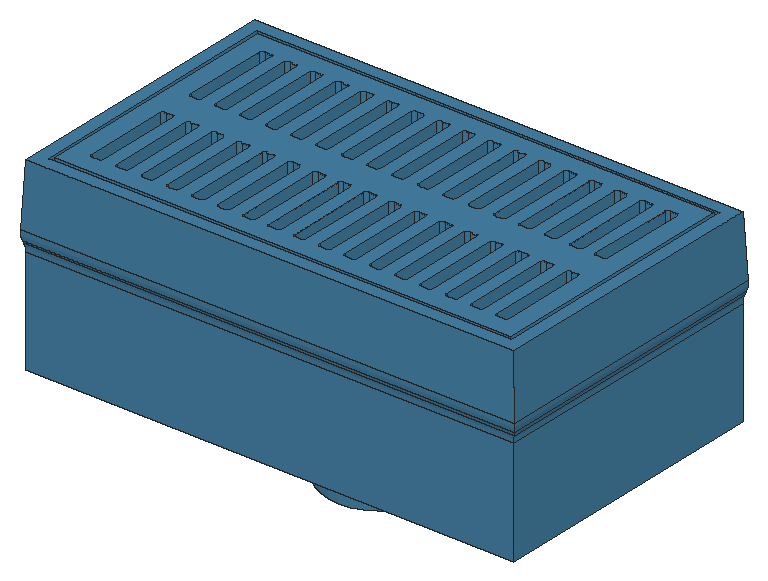
Revit family "Drain_Trench_11.25_Inch_Wide-Zurn-Z668-Heavy-Duty", category Plumbing Fixtures, Revit 2022
Family settings
  Round Connector Dimension = Use Radius
  Part Type = Normal
  OmniClass Number = 23.70.50.21.24.14
  OmniClass Title = Deck Waste Water Drains
  Work Plane-Based = No
  Always vertical = Yes
  Cut with Voids When Loaded = No
  Maintain Annotation Orientation = No
  Shared = No
  Room Calculation Point = No
Parameters (values of type "Load Family Catalog")
  Waste Connection = 1 = 1  # yes
  WFU = 1  # constant formula
  Vent Connection = 1 = 0  # no
  URL = "www.zurn.com"
  Type Comments = "Z665 4 Inch Inside Caulk Outlet"
  Product data url = "https://www.bimobject.com/en-in/zurnindustries/product/zurn-z668"
  Product Page URL = "https://www.zurn.com/products/drainage-interceptors/floor-drains/area-drains/z668"
  Product Documentation Link = "https://files.zurn.com/spec-sheets/z668.pdf"
  A_ Pipe Size (Nominal Radius) = [A_ Pipe Size (Nominal Diameter)] / 2  # 2.000"
  A_ Pipe Size (Nominal Diameter) = 4.000"
  A_ Pipe Size (Inner Diameter) = 4.026"
  A_ Pipe Size (Outer Diameter) = 4.500"
  Modified Date = "12/08/25"  # constant formula
  Model = "Z668"
  Manufacurer Brand = "Zurn"  # constant formula
  Manufacturer = "Zurn Water, LLC"  # constant formula
  Main Material = Iron - Zurn - Cast - Painted - Blue
  HWFU = 0  # constant formula
  HW Connection = 1 = 0  # no
  Grate Open Area (Sq. In.) = 60.00 SF
  Grate Material = Iron - Zurn - Cast - Painted - Blue
  Description = "11-1/4 x 19-1/4 [286 X 489] HEAVY-DUTY DRAIN"  # constant formula
  Default Elevation = 2.000"  # constant formula
  Date Created = "11/13/18"  # constant formula
  CWFU = 0  # constant formula
  CW Connection = 1 = 0  # no
  Body Height 'E' = 10.250"
  Assembly Code = "D2030300"
  Approx. Weight (Lbs) = 115.000"
Reference planes (in)
  plane 1 "Center (Front/Back)": y = 0
  plane 2: z = 0
  plane 3 "Center (Left/Right)": x = 0
  plane 4: z = -7.4375
  plane 5: x = 9.625
  plane 6: x = -9.625
  plane 7: z = -10.25
  plane 8: y = 5.625
  plane 9: y = -5.625
  plane 10: z = -2
  plane 11: y = -5.625
  plane 12: z = 0
  plane 13: y = 5.625
  plane 14: y = 5.125
  plane 15: y = -5.125
  plane 16: z = -7.75
  plane 17: x = -2.25
  plane 18: x = 2.25
  plane 19: y = 2.25
  plane 20: y = -2.25
  plane 21: z = -3.25
  plane 22: x = -2.013
  plane 23: x = 2.013
  plane 24: x = 2.25
  plane 25: x = -2.25
  plane 26: z = 0
  plane 27: z = -1
  plane 28: y = 4.625
  plane 29: y = -4.625
  plane 30: x = -9.125
  plane 31: x = 9.125
Forms (in)
  Sweep 1, solid, material "Iron - Zurn - Cast - Painted - Blue" <- "Main Material", detail levels fine
    path origin (0, 0, 0) x (1, 0, 0) y (0, 1, 0)
      loop
        line (-9.625, 5.625) -> (-9.625, -5.625) -> (9.625, -5.625) -> (9.625, 5.625) -> (-9.625, 5.625)
    profile origin (0, 5.625, 0) x (0, 1, 0) y (0, 0, 1)
      loop
        line (0, 0) -> (-0.5, 0) -> (-0.5, -1) -> (-1, -1) -> (-1.33738, -7.4375) -> (-2.125, -7.4375) -> (-2.125, -7.75) -> (-1, -7.75)
        arc (-1, -7.75) -> (-0.82677, -7.71554) -> (-0.67992, -7.61742) r 0.45267
        line (-0.67992, -7.61742) -> (-0.5, -7.4375) -> (0, -7.4375) -> (0, -3.25)
        arc (0, -3.25) -> (0.01231, -3.09357) -> (0.04894, -2.94098) r 1
        line (0.04894, -2.94098) -> (0.08225, -2.83848)
        arc (0.08225, -2.83848) -> (0.12264, -2.65999) -> (0.12982, -2.47713) r 1
        line (0.12982, -2.47713) -> (0, 0)
  Revolve 2, solid, material "Iron - Zurn - Cast - Painted - Blue" <- "Main Material", detail levels fine
    sketch origin (0, 0, 0) x (1, 0, 0) y (0, 0, 1)
      loop
        line (2.013, -7.75) -> (2.013, -10.25) -> (2.25, -10.25) -> (2.25, -7.75) -> (2.013, -7.75)
      axis (0, -10.25) -> (0, -7.75)
    angle from 0 to 360
  Extrusion 3, solid, material "Iron - Zurn - Cast - Painted - Blue" <- "Main Material", detail levels fine
    sketch origin (0, 0, 0) x (1, 0, 0) y (0, 1, 0)
      loop
        line (7.5, 3.5) -> (-7.5, 3.5) -> (-7.5, -3.5) -> (7.5, -3.5) -> (7.5, 3.5)
      loop
        circle (0, 0) r 2.25
    from -7.75 to -7.4375
Lines and regions (in)
  Masking region 1, detail levels fine
    outline origin (0, 0, 0) x (1, 0, 0) y (0, 1, 0)
      loop
        line (-9.75482, 5.75482) -> (-9.75482, -5.75482) -> (9.75482, -5.75482) -> (9.75482, 5.75482) -> (-9.75482, 5.75482)
  model lines, detail levels coarse+medium
    curve 1: line (-2.25, 0, -10.25) -> (2.25, 0, -10.25)
    curve 2: line (0, 0, 0) -> (0, 0, -10.25)
    curve 3: line (-9.125, 5.125, 0) -> (9.125, 5.125, 0)
    curve 4: line (-9.125, -5.125, 0) -> (-9.125, 5.125, 0)
    curve 5: line (9.125, -5.125, 0) -> (-9.125, -5.125, 0)
    curve 6: line (9.125, 5.125, 0) -> (9.125, -5.125, 0)
    curve 7: line (0, 2.25, -10.25) -> (0, -2.25, -10.25)
    curve 8: line (-7.21875, 5.125, 0) -> (-7.21875, -5.125, 0)
    curve 9: line (-4.8125, -5.125, 0) -> (-4.8125, 5.125, 0)
    curve 10: line (-2.40625, 5.125, 0) -> (-2.40625, -5.125, 0)
    curve 11: line (2.40625, -5.125, 0) -> (2.40625, 5.125, 0)
    curve 12: line (4.8125, 5.125, 0) -> (4.8125, -5.125, 0)
    curve 13: line (7.21875, -5.125, 0) -> (7.21875, 5.125, 0)
    curve 14: line (0, 5.125, 0) -> (0, -5.125, 0)
    curve 15: line (-9.625, 5.625, 0) -> (9.625, 5.625, 0)
    curve 16: line (-9.625, -5.625, 0) -> (-9.625, 5.625, 0)
    curve 17: line (9.625, -5.625, 0) -> (-9.625, -5.625, 0)
    curve 18: line (9.625, 5.625, 0) -> (9.625, -5.625, 0)
  symbolic lines, detail levels coarse+medium
    curve 19: line (-9.125, 5.125, 0) -> (9.125, 5.125, 0)
    curve 20: line (-9.125, -5.125, 0) -> (-9.125, 5.125, 0)
    curve 21: line (9.125, -5.125, 0) -> (-9.125, -5.125, 0)
    curve 22: line (9.125, 5.125, 0) -> (9.125, -5.125, 0)
Dimensions and locks (in)
  equal spacing: plane 13, plane 1 "Center (Front/Back)", plane 11
  locked: plane 6 to plane 5 at 19.25
  equal spacing: plane 6, plane 3 "Center (Left/Right)", plane 5
  "Body Height 'E'": level to plane 7
  level to plane 10 = 2.000"
  level to plane 4 = 7.4375"
  level to plane 7 = 10.250"
  plane 16 to plane 4 = 0.3125"
  equal spacing: plane 17, plane 3 "Center (Left/Right)", plane 18
  "A_ Pipe Size (Outer Diameter)": plane 17 to plane 18
  equal spacing: plane 19, plane 1 "Center (Front/Back)", plane 20
  "A_ Pipe Size (Outer Diameter)": plane 19 to plane 20
  equal spacing: plane 6, curve 8, curve 9, curve 10, curve 14, curve 11, curve 12, curve 13, plane 5
  locked: plane 11 to plane 13 at 11.25
  equal spacing: plane 25, plane 3 "Center (Left/Right)", plane 24
  equal spacing: plane 22, plane 3 "Center (Left/Right)", plane 23
  "A_ Pipe Size (Outer Diameter)": plane 25 to plane 24
  "A_ Pipe Size (Inner Diameter)": plane 22 to plane 23
  locked: level to plane 27 at 1
  locked: level to plane 16 at 7.75
  locked: plane 4 to plane 16 at 0.3125
  equal spacing: curve 13, curve 18, plane 5
  locked: plane 13 to plane 14 at 0.5
  locked: plane 15 to plane 11 at 0.5
  locked: plane 14 to plane 28 at 0.5
  locked: plane 29 to plane 15 at 0.5
  Sweep 1 sketch curve to plane 1 "Center (Front/Back)" = 3.500"
  locked: level to plane 21 at 3.25
  locked: Sweep 1 sketch curve to plane 21 at 0.41152
  locked: Sweep 1 sketch curve to plane 4 at 0.14017
  plane 13 to plane 11 = 11.250"
  plane 5 to plane 6 = 19.250"
  locked: plane 6 to plane 30 at 0.5
  locked: plane 31 to plane 5 at 0.5
  "A_ Pipe Size (Outer Diameter)": diameter of Extrusion 3 sketch curve
  locked: Sweep 1 sketch curve to plane 4 (angle 45.00°)
  angle plane 28 to Sweep 1 sketch curve = 3.00°
  angle Sweep 1 sketch curve to plane 13 = 3.00°
  aligned and locked: plane 2 to level
  aligned and locked: curve 1 to plane 17
  aligned and locked: plane 18 to curve 1
  aligned and locked: curve 1 to plane 7
  aligned and locked: plane 7 to curve 2
  aligned and locked: level to curve 2
  aligned and locked: curve 2 to plane 3 "Center (Left/Right)"
  aligned and locked: plane 19 to curve 7
  aligned and locked: plane 20 to curve 7
  aligned and locked: curve 7 to plane 7
  aligned and locked: Sweep 1 sketch curve to plane 13  (x2)
  aligned and locked: Sweep 1 sketch curve to plane 11
  aligned and locked: plane 6 to Sweep 1 sketch curve
  aligned and locked: Sweep 1 sketch curve to plane 5
  aligned and locked: plane 14 to Sweep 1 sketch curve  (x2)
  aligned and locked: plane 28 to Sweep 1 sketch curve  (x2)
  aligned and locked: plane 16 to Sweep 1 sketch curve
  aligned and locked: plane 4 to Sweep 1 sketch curve
  aligned and locked: Sweep 1 sketch curve to plane 4
  aligned and locked: Sweep 1 sketch curve to plane 27
  aligned and locked: plane 21 to Sweep 1 sketch curve
  aligned and locked: plane 23 to Revolve 2 sketch curve
  aligned and locked: Revolve 2 sketch curve to plane 24
  aligned and locked: plane 16 to Revolve 2 sketch curve
  aligned and locked: plane 7 to Revolve 2 sketch curve
  aligned and locked: curve 1 to Revolve 2 sketch curve
  aligned and locked: Sweep 1 to Revolve 2 sketch curve
  aligned and locked: Revolve 2 sketch curve to curve 2
  aligned and locked: curve 21 to plane 15
  aligned and locked: curve 19 to plane 14
  aligned and locked: plane 30 to curve 20
  aligned and locked: plane 31 to curve 22
  aligned and locked: curve 18 to plane 5
  aligned and locked: curve 17 to plane 11
  aligned and locked: plane 6 to curve 16
  aligned and locked: curve 15 to plane 13
  aligned and locked: plane 1 "Center (Front/Back)" to Extrusion 3 sketch curve
  aligned and locked: plane 3 "Center (Left/Right)" to Extrusion 3 sketch curve
  aligned and locked: Extrusion 3 sketch curve to Sweep 1  (x4)
  aligned and locked: plane 16 to Extrusion 3
  aligned and locked: plane 4 to Extrusion 3
  aligned and locked: Sweep 1 to nested 1
  aligned and locked: plane 1 "Center (Front/Back)" to nested 1
  aligned and locked: plane 3 "Center (Left/Right)" to nested 1
  aligned and locked: Masking region 1 sketch curve to Sweep 1  (x4)
Automatic sketch dimensions
  Sweep 1 sketch curve to level = 0.000"
  Sweep 1 sketch curve to profile plane = 0.000"
  profile plane to Sweep 1 sketch curve = 0.86881"
  Sweep 1 sketch curve to profile plane = 0.04894"
Nested families (in)
  nested 1: "Z668-Grate" at (0, 0, 0), Main Material <- "Grate Material", type "Z665", detail levels fine
    with Main Material Iron - Zurn - Cast - Painted - Blue
Connectors (in)
  piping at (0, 0, -10.25), diameter 4, driven by "A_ Pipe Size (Nominal Radius)", driven by "Waste Connection"
    settings: on Revolve 2, index 1, connector inside diameter 24", connector length 0.000", flow factor 0, pipe flow 0 GPM, pressure drop 0.00 psi, fitting loss kfactor 0, connector angle 0.00°, fixture units 0, engagement length 0.000", angle of deflection 0.00°, flow configuration 0, flow direction 2, fitting loss method 0, system type 16, joint type 0, gender type 0, connector reference index -1, connector utility 1, adjustable connector no, is connector primary yes, connector description "Sanitary Outlet"
Definition of nested family "Z668-Grate"
  Parameters (values of type "Z665")
    Waste Connection = 1 = 1  # yes
    WFU = 1  # constant formula
    Vent Connection = 1 = 0  # no
    URL = "www.zurn.com"
    Product data url = "https://www.zurn.com/products/drainage-interceptors/floor-drains/cast-iron-trench-drains/z664"
    Product Page URL = "https://www.zurn.com/products/drainage-interceptors/floor-drains/cast-iron-trench-drains/z664"
    Product Installation Sheet URL = "https://files.zurn.com/care-cleaning-install-warranty-sheets/fd22-(1).pdf"
    Product Documentation Link = "https://files.zurn.com/spec-sheets/z664.pdf"
    Outlet nominal radius = Outlet nominal diameter / 2  # 1.000"
    Outlet nominal diameter = 2.000"
    Outlet minnor diameter = 2.067"
    Outlet major diameter = 2.375"
    Modified Date = "07/28/25"  # constant formula
    Model = "Z664"  # constant formula
    Manufacurer Brand = "Zurn"  # constant formula
    Manufacturer = "Zurn Water, LLC"  # constant formula
    Main Material [instance] = none
    HWFU = 0  # constant formula
    HW Connection = 1 = 0  # no
    Grate Open Area (Sq. In.) = 0.00 SF
    Description = "6 [152] WIDE MODULAR TRENCH DRAIN HEAVY-DUTY"  # constant formula
    Default Elevation = 2.000"  # constant formula
    Date Created = "21/01/16"  # constant formula
    CWFU = 0  # constant formula
    CW Connection = 1 = 0  # no
    Body Height 'E" = 9.125"
    Assembly Code = "D2020.30"
    Approx. Weight (Lbs) = 35.000"
  Reference planes (in)
    plane 1 "Center (Front/Back)": y = 0
    plane 2: z = 0
    plane 3 "Center (Left/Right)": x = 0
    plane 4: x = 9
    plane 5: x = -9
    plane 6: y = 5
    plane 7: y = -5
    plane 8: z = -1
    plane 9: z = 0
    plane 10: y = -4.25
    plane 11: y = 0.625
    plane 12: y = -0.625
    plane 13: y = 4.25
  Forms (in)
    Extrusion 1, solid, material <- "Main Material"
      sketch origin (0, 0, 0) x (1, 0, 0) y (0, 1, 0)
        loop
          line (-9, 5) -> (-9, -5) -> (9, -5) -> (9, 5) -> (-9, 5)
      from 0 to -1
    Extrusion 2, void
      sketch origin (0, 0.28718, -0.5625) x (1, 0, 0) y (0, 1, 0)
        loop
          arc (-8.125, 3.96282) -> (-8.21339, 3.92621) -> (-8.25, 3.83782) r 0.125
          line (-8.25, 3.83782) -> (-8.25, 0.46282)
          arc (-8.25, 0.46282) -> (-8.21339, 0.37443) -> (-8.125, 0.33782) r 0.125
          line (-8.125, 0.33782) -> (-7.875, 0.33782)
          arc (-7.875, 0.33782) -> (-7.78661, 0.37443) -> (-7.75, 0.46282) r 0.125
          line (-7.75, 0.46282) -> (-7.75, 3.83782)
          arc (-7.75, 3.83782) -> (-7.78661, 3.92621) -> (-7.875, 3.96282) r 0.125
          line (-7.875, 3.96282) -> (-8.125, 3.96282)
        loop
          arc (-8.125, -0.91218) -> (-8.21339, -0.94879) -> (-8.25, -1.03718) r 0.125
          line (-8.25, -1.03718) -> (-8.25, -4.41218)
          arc (-8.25, -4.41218) -> (-8.21339, -4.50057) -> (-8.125, -4.53718) r 0.125
          line (-8.125, -4.53718) -> (-7.875, -4.53718)
          arc (-7.875, -4.53718) -> (-7.78661, -4.50057) -> (-7.75, -4.41218) r 0.125
          line (-7.75, -4.41218) -> (-7.75, -1.03718)
          arc (-7.75, -1.03718) -> (-7.78661, -0.94879) -> (-7.875, -0.91218) r 0.125
          line (-7.875, -0.91218) -> (-8.125, -0.91218)
      from 0.5625 to -0.4375
    Extrusion 3, void
      sketch origin (1, 0.28718, -0.5625) x (1, 0, 0) y (0, 1, 0)
        loop
          arc (-8.125, 3.96282) -> (-8.21339, 3.92621) -> (-8.25, 3.83782) r 0.125
          line (-8.25, 3.83782) -> (-8.25, 0.46282)
          arc (-8.25, 0.46282) -> (-8.21339, 0.37443) -> (-8.125, 0.33782) r 0.125
          line (-8.125, 0.33782) -> (-7.875, 0.33782)
          arc (-7.875, 0.33782) -> (-7.78661, 0.37443) -> (-7.75, 0.46282) r 0.125
          line (-7.75, 0.46282) -> (-7.75, 3.83782)
          arc (-7.75, 3.83782) -> (-7.78661, 3.92621) -> (-7.875, 3.96282) r 0.125
          line (-7.875, 3.96282) -> (-8.125, 3.96282)
        loop
          arc (-8.125, -0.91218) -> (-8.21339, -0.94879) -> (-8.25, -1.03718) r 0.125
          line (-8.25, -1.03718) -> (-8.25, -4.41218)
          arc (-8.25, -4.41218) -> (-8.21339, -4.50057) -> (-8.125, -4.53718) r 0.125
          line (-8.125, -4.53718) -> (-7.875, -4.53718)
          arc (-7.875, -4.53718) -> (-7.78661, -4.50057) -> (-7.75, -4.41218) r 0.125
          line (-7.75, -4.41218) -> (-7.75, -1.03718)
          arc (-7.75, -1.03718) -> (-7.78661, -0.94879) -> (-7.875, -0.91218) r 0.125
          line (-7.875, -0.91218) -> (-8.125, -0.91218)
      from 0.5625 to -0.4375
    Extrusion 4, void
      sketch origin (2, 0.28718, -0.5625) x (1, 0, 0) y (0, 1, 0)
        loop
          arc (-8.125, 3.96282) -> (-8.21339, 3.92621) -> (-8.25, 3.83782) r 0.125
          line (-8.25, 3.83782) -> (-8.25, 0.46282)
          arc (-8.25, 0.46282) -> (-8.21339, 0.37443) -> (-8.125, 0.33782) r 0.125
          line (-8.125, 0.33782) -> (-7.875, 0.33782)
          arc (-7.875, 0.33782) -> (-7.78661, 0.37443) -> (-7.75, 0.46282) r 0.125
          line (-7.75, 0.46282) -> (-7.75, 3.83782)
          arc (-7.75, 3.83782) -> (-7.78661, 3.92621) -> (-7.875, 3.96282) r 0.125
          line (-7.875, 3.96282) -> (-8.125, 3.96282)
        loop
          arc (-8.125, -0.91218) -> (-8.21339, -0.94879) -> (-8.25, -1.03718) r 0.125
          line (-8.25, -1.03718) -> (-8.25, -4.41218)
          arc (-8.25, -4.41218) -> (-8.21339, -4.50057) -> (-8.125, -4.53718) r 0.125
          line (-8.125, -4.53718) -> (-7.875, -4.53718)
          arc (-7.875, -4.53718) -> (-7.78661, -4.50057) -> (-7.75, -4.41218) r 0.125
          line (-7.75, -4.41218) -> (-7.75, -1.03718)
          arc (-7.75, -1.03718) -> (-7.78661, -0.94879) -> (-7.875, -0.91218) r 0.125
          line (-7.875, -0.91218) -> (-8.125, -0.91218)
      from 0.5625 to -0.4375
    Extrusion 5, void
      sketch origin (3, 0.28718, -0.5625) x (1, 0, 0) y (0, 1, 0)
        loop
          arc (-8.125, 3.96282) -> (-8.21339, 3.92621) -> (-8.25, 3.83782) r 0.125
          line (-8.25, 3.83782) -> (-8.25, 0.46282)
          arc (-8.25, 0.46282) -> (-8.21339, 0.37443) -> (-8.125, 0.33782) r 0.125
          line (-8.125, 0.33782) -> (-7.875, 0.33782)
          arc (-7.875, 0.33782) -> (-7.78661, 0.37443) -> (-7.75, 0.46282) r 0.125
          line (-7.75, 0.46282) -> (-7.75, 3.83782)
          arc (-7.75, 3.83782) -> (-7.78661, 3.92621) -> (-7.875, 3.96282) r 0.125
          line (-7.875, 3.96282) -> (-8.125, 3.96282)
        loop
          arc (-8.125, -0.91218) -> (-8.21339, -0.94879) -> (-8.25, -1.03718) r 0.125
          line (-8.25, -1.03718) -> (-8.25, -4.41218)
          arc (-8.25, -4.41218) -> (-8.21339, -4.50057) -> (-8.125, -4.53718) r 0.125
          line (-8.125, -4.53718) -> (-7.875, -4.53718)
          arc (-7.875, -4.53718) -> (-7.78661, -4.50057) -> (-7.75, -4.41218) r 0.125
          line (-7.75, -4.41218) -> (-7.75, -1.03718)
          arc (-7.75, -1.03718) -> (-7.78661, -0.94879) -> (-7.875, -0.91218) r 0.125
          line (-7.875, -0.91218) -> (-8.125, -0.91218)
      from 0.5625 to -0.4375
    Extrusion 6, void
      sketch origin (4, 0.28718, -0.5625) x (1, 0, 0) y (0, 1, 0)
        loop
          arc (-8.125, 3.96282) -> (-8.21339, 3.92621) -> (-8.25, 3.83782) r 0.125
          line (-8.25, 3.83782) -> (-8.25, 0.46282)
          arc (-8.25, 0.46282) -> (-8.21339, 0.37443) -> (-8.125, 0.33782) r 0.125
          line (-8.125, 0.33782) -> (-7.875, 0.33782)
          arc (-7.875, 0.33782) -> (-7.78661, 0.37443) -> (-7.75, 0.46282) r 0.125
          line (-7.75, 0.46282) -> (-7.75, 3.83782)
          arc (-7.75, 3.83782) -> (-7.78661, 3.92621) -> (-7.875, 3.96282) r 0.125
          line (-7.875, 3.96282) -> (-8.125, 3.96282)
        loop
          arc (-8.125, -0.91218) -> (-8.21339, -0.94879) -> (-8.25, -1.03718) r 0.125
          line (-8.25, -1.03718) -> (-8.25, -4.41218)
          arc (-8.25, -4.41218) -> (-8.21339, -4.50057) -> (-8.125, -4.53718) r 0.125
          line (-8.125, -4.53718) -> (-7.875, -4.53718)
          arc (-7.875, -4.53718) -> (-7.78661, -4.50057) -> (-7.75, -4.41218) r 0.125
          line (-7.75, -4.41218) -> (-7.75, -1.03718)
          arc (-7.75, -1.03718) -> (-7.78661, -0.94879) -> (-7.875, -0.91218) r 0.125
          line (-7.875, -0.91218) -> (-8.125, -0.91218)
      from 0.5625 to -0.4375
    Extrusion 7, void
      sketch origin (5, 0.28718, -0.5625) x (1, 0, 0) y (0, 1, 0)
        loop
          arc (-8.125, 3.96282) -> (-8.21339, 3.92621) -> (-8.25, 3.83782) r 0.125
          line (-8.25, 3.83782) -> (-8.25, 0.46282)
          arc (-8.25, 0.46282) -> (-8.21339, 0.37443) -> (-8.125, 0.33782) r 0.125
          line (-8.125, 0.33782) -> (-7.875, 0.33782)
          arc (-7.875, 0.33782) -> (-7.78661, 0.37443) -> (-7.75, 0.46282) r 0.125
          line (-7.75, 0.46282) -> (-7.75, 3.83782)
          arc (-7.75, 3.83782) -> (-7.78661, 3.92621) -> (-7.875, 3.96282) r 0.125
          line (-7.875, 3.96282) -> (-8.125, 3.96282)
        loop
          arc (-8.125, -0.91218) -> (-8.21339, -0.94879) -> (-8.25, -1.03718) r 0.125
          line (-8.25, -1.03718) -> (-8.25, -4.41218)
          arc (-8.25, -4.41218) -> (-8.21339, -4.50057) -> (-8.125, -4.53718) r 0.125
          line (-8.125, -4.53718) -> (-7.875, -4.53718)
          arc (-7.875, -4.53718) -> (-7.78661, -4.50057) -> (-7.75, -4.41218) r 0.125
          line (-7.75, -4.41218) -> (-7.75, -1.03718)
          arc (-7.75, -1.03718) -> (-7.78661, -0.94879) -> (-7.875, -0.91218) r 0.125
          line (-7.875, -0.91218) -> (-8.125, -0.91218)
      from 0.5625 to -0.4375
    Extrusion 8, void
      sketch origin (6, 0.28718, -0.5625) x (1, 0, 0) y (0, 1, 0)
        loop
          arc (-8.125, 3.96282) -> (-8.21339, 3.92621) -> (-8.25, 3.83782) r 0.125
          line (-8.25, 3.83782) -> (-8.25, 0.46282)
          arc (-8.25, 0.46282) -> (-8.21339, 0.37443) -> (-8.125, 0.33782) r 0.125
          line (-8.125, 0.33782) -> (-7.875, 0.33782)
          arc (-7.875, 0.33782) -> (-7.78661, 0.37443) -> (-7.75, 0.46282) r 0.125
          line (-7.75, 0.46282) -> (-7.75, 3.83782)
          arc (-7.75, 3.83782) -> (-7.78661, 3.92621) -> (-7.875, 3.96282) r 0.125
          line (-7.875, 3.96282) -> (-8.125, 3.96282)
        loop
          arc (-8.125, -0.91218) -> (-8.21339, -0.94879) -> (-8.25, -1.03718) r 0.125
          line (-8.25, -1.03718) -> (-8.25, -4.41218)
          arc (-8.25, -4.41218) -> (-8.21339, -4.50057) -> (-8.125, -4.53718) r 0.125
          line (-8.125, -4.53718) -> (-7.875, -4.53718)
          arc (-7.875, -4.53718) -> (-7.78661, -4.50057) -> (-7.75, -4.41218) r 0.125
          line (-7.75, -4.41218) -> (-7.75, -1.03718)
          arc (-7.75, -1.03718) -> (-7.78661, -0.94879) -> (-7.875, -0.91218) r 0.125
          line (-7.875, -0.91218) -> (-8.125, -0.91218)
      from 0.5625 to -0.4375
    Extrusion 9, void
      sketch origin (7, 0.28718, -0.5625) x (1, 0, 0) y (0, 1, 0)
        loop
          arc (-8.125, 3.96282) -> (-8.21339, 3.92621) -> (-8.25, 3.83782) r 0.125
          line (-8.25, 3.83782) -> (-8.25, 0.46282)
          arc (-8.25, 0.46282) -> (-8.21339, 0.37443) -> (-8.125, 0.33782) r 0.125
          line (-8.125, 0.33782) -> (-7.875, 0.33782)
          arc (-7.875, 0.33782) -> (-7.78661, 0.37443) -> (-7.75, 0.46282) r 0.125
          line (-7.75, 0.46282) -> (-7.75, 3.83782)
          arc (-7.75, 3.83782) -> (-7.78661, 3.92621) -> (-7.875, 3.96282) r 0.125
          line (-7.875, 3.96282) -> (-8.125, 3.96282)
        loop
          arc (-8.125, -0.91218) -> (-8.21339, -0.94879) -> (-8.25, -1.03718) r 0.125
          line (-8.25, -1.03718) -> (-8.25, -4.41218)
          arc (-8.25, -4.41218) -> (-8.21339, -4.50057) -> (-8.125, -4.53718) r 0.125
          line (-8.125, -4.53718) -> (-7.875, -4.53718)
          arc (-7.875, -4.53718) -> (-7.78661, -4.50057) -> (-7.75, -4.41218) r 0.125
          line (-7.75, -4.41218) -> (-7.75, -1.03718)
          arc (-7.75, -1.03718) -> (-7.78661, -0.94879) -> (-7.875, -0.91218) r 0.125
          line (-7.875, -0.91218) -> (-8.125, -0.91218)
      from 0.5625 to -0.4375
    Extrusion 10, void
      sketch origin (8, 0.28718, -0.5625) x (1, 0, 0) y (0, 1, 0)
        loop
          arc (-8.125, 3.96282) -> (-8.21339, 3.92621) -> (-8.25, 3.83782) r 0.125
          line (-8.25, 3.83782) -> (-8.25, 0.46282)
          arc (-8.25, 0.46282) -> (-8.21339, 0.37443) -> (-8.125, 0.33782) r 0.125
          line (-8.125, 0.33782) -> (-7.875, 0.33782)
          arc (-7.875, 0.33782) -> (-7.78661, 0.37443) -> (-7.75, 0.46282) r 0.125
          line (-7.75, 0.46282) -> (-7.75, 3.83782)
          arc (-7.75, 3.83782) -> (-7.78661, 3.92621) -> (-7.875, 3.96282) r 0.125
          line (-7.875, 3.96282) -> (-8.125, 3.96282)
        loop
          arc (-8.125, -0.91218) -> (-8.21339, -0.94879) -> (-8.25, -1.03718) r 0.125
          line (-8.25, -1.03718) -> (-8.25, -4.41218)
          arc (-8.25, -4.41218) -> (-8.21339, -4.50057) -> (-8.125, -4.53718) r 0.125
          line (-8.125, -4.53718) -> (-7.875, -4.53718)
          arc (-7.875, -4.53718) -> (-7.78661, -4.50057) -> (-7.75, -4.41218) r 0.125
          line (-7.75, -4.41218) -> (-7.75, -1.03718)
          arc (-7.75, -1.03718) -> (-7.78661, -0.94879) -> (-7.875, -0.91218) r 0.125
          line (-7.875, -0.91218) -> (-8.125, -0.91218)
      from 0.5625 to -0.4375
    Extrusion 11, void
      sketch origin (9, 0.28718, -0.5625) x (1, 0, 0) y (0, 1, 0)
        loop
          arc (-8.125, 3.96282) -> (-8.21339, 3.92621) -> (-8.25, 3.83782) r 0.125
          line (-8.25, 3.83782) -> (-8.25, 0.46282)
          arc (-8.25, 0.46282) -> (-8.21339, 0.37443) -> (-8.125, 0.33782) r 0.125
          line (-8.125, 0.33782) -> (-7.875, 0.33782)
          arc (-7.875, 0.33782) -> (-7.78661, 0.37443) -> (-7.75, 0.46282) r 0.125
          line (-7.75, 0.46282) -> (-7.75, 3.83782)
          arc (-7.75, 3.83782) -> (-7.78661, 3.92621) -> (-7.875, 3.96282) r 0.125
          line (-7.875, 3.96282) -> (-8.125, 3.96282)
        loop
          arc (-8.125, -0.91218) -> (-8.21339, -0.94879) -> (-8.25, -1.03718) r 0.125
          line (-8.25, -1.03718) -> (-8.25, -4.41218)
          arc (-8.25, -4.41218) -> (-8.21339, -4.50057) -> (-8.125, -4.53718) r 0.125
          line (-8.125, -4.53718) -> (-7.875, -4.53718)
          arc (-7.875, -4.53718) -> (-7.78661, -4.50057) -> (-7.75, -4.41218) r 0.125
          line (-7.75, -4.41218) -> (-7.75, -1.03718)
          arc (-7.75, -1.03718) -> (-7.78661, -0.94879) -> (-7.875, -0.91218) r 0.125
          line (-7.875, -0.91218) -> (-8.125, -0.91218)
      from 0.5625 to -0.4375
    Extrusion 12, void
      sketch origin (10, 0.28718, -0.5625) x (1, 0, 0) y (0, 1, 0)
        loop
          arc (-8.125, 3.96282) -> (-8.21339, 3.92621) -> (-8.25, 3.83782) r 0.125
          line (-8.25, 3.83782) -> (-8.25, 0.46282)
          arc (-8.25, 0.46282) -> (-8.21339, 0.37443) -> (-8.125, 0.33782) r 0.125
          line (-8.125, 0.33782) -> (-7.875, 0.33782)
          arc (-7.875, 0.33782) -> (-7.78661, 0.37443) -> (-7.75, 0.46282) r 0.125
          line (-7.75, 0.46282) -> (-7.75, 3.83782)
          arc (-7.75, 3.83782) -> (-7.78661, 3.92621) -> (-7.875, 3.96282) r 0.125
          line (-7.875, 3.96282) -> (-8.125, 3.96282)
        loop
          arc (-8.125, -0.91218) -> (-8.21339, -0.94879) -> (-8.25, -1.03718) r 0.125
          line (-8.25, -1.03718) -> (-8.25, -4.41218)
          arc (-8.25, -4.41218) -> (-8.21339, -4.50057) -> (-8.125, -4.53718) r 0.125
          line (-8.125, -4.53718) -> (-7.875, -4.53718)
          arc (-7.875, -4.53718) -> (-7.78661, -4.50057) -> (-7.75, -4.41218) r 0.125
          line (-7.75, -4.41218) -> (-7.75, -1.03718)
          arc (-7.75, -1.03718) -> (-7.78661, -0.94879) -> (-7.875, -0.91218) r 0.125
          line (-7.875, -0.91218) -> (-8.125, -0.91218)
      from 0.5625 to -0.4375
    Extrusion 13, void
      sketch origin (11, 0.28718, -0.5625) x (1, 0, 0) y (0, 1, 0)
        loop
          arc (-8.125, 3.96282) -> (-8.21339, 3.92621) -> (-8.25, 3.83782) r 0.125
          line (-8.25, 3.83782) -> (-8.25, 0.46282)
          arc (-8.25, 0.46282) -> (-8.21339, 0.37443) -> (-8.125, 0.33782) r 0.125
          line (-8.125, 0.33782) -> (-7.875, 0.33782)
          arc (-7.875, 0.33782) -> (-7.78661, 0.37443) -> (-7.75, 0.46282) r 0.125
          line (-7.75, 0.46282) -> (-7.75, 3.83782)
          arc (-7.75, 3.83782) -> (-7.78661, 3.92621) -> (-7.875, 3.96282) r 0.125
          line (-7.875, 3.96282) -> (-8.125, 3.96282)
        loop
          arc (-8.125, -0.91218) -> (-8.21339, -0.94879) -> (-8.25, -1.03718) r 0.125
          line (-8.25, -1.03718) -> (-8.25, -4.41218)
          arc (-8.25, -4.41218) -> (-8.21339, -4.50057) -> (-8.125, -4.53718) r 0.125
          line (-8.125, -4.53718) -> (-7.875, -4.53718)
          arc (-7.875, -4.53718) -> (-7.78661, -4.50057) -> (-7.75, -4.41218) r 0.125
          line (-7.75, -4.41218) -> (-7.75, -1.03718)
          arc (-7.75, -1.03718) -> (-7.78661, -0.94879) -> (-7.875, -0.91218) r 0.125
          line (-7.875, -0.91218) -> (-8.125, -0.91218)
      from 0.5625 to -0.4375
    Extrusion 14, void
      sketch origin (12, 0.28718, -0.5625) x (1, 0, 0) y (0, 1, 0)
        loop
          arc (-8.125, 3.96282) -> (-8.21339, 3.92621) -> (-8.25, 3.83782) r 0.125
          line (-8.25, 3.83782) -> (-8.25, 0.46282)
          arc (-8.25, 0.46282) -> (-8.21339, 0.37443) -> (-8.125, 0.33782) r 0.125
          line (-8.125, 0.33782) -> (-7.875, 0.33782)
          arc (-7.875, 0.33782) -> (-7.78661, 0.37443) -> (-7.75, 0.46282) r 0.125
          line (-7.75, 0.46282) -> (-7.75, 3.83782)
          arc (-7.75, 3.83782) -> (-7.78661, 3.92621) -> (-7.875, 3.96282) r 0.125
          line (-7.875, 3.96282) -> (-8.125, 3.96282)
        loop
          arc (-8.125, -0.91218) -> (-8.21339, -0.94879) -> (-8.25, -1.03718) r 0.125
          line (-8.25, -1.03718) -> (-8.25, -4.41218)
          arc (-8.25, -4.41218) -> (-8.21339, -4.50057) -> (-8.125, -4.53718) r 0.125
          line (-8.125, -4.53718) -> (-7.875, -4.53718)
          arc (-7.875, -4.53718) -> (-7.78661, -4.50057) -> (-7.75, -4.41218) r 0.125
          line (-7.75, -4.41218) -> (-7.75, -1.03718)
          arc (-7.75, -1.03718) -> (-7.78661, -0.94879) -> (-7.875, -0.91218) r 0.125
          line (-7.875, -0.91218) -> (-8.125, -0.91218)
      from 0.5625 to -0.4375
    Extrusion 15, void
      sketch origin (13, 0.28718, -0.5625) x (1, 0, 0) y (0, 1, 0)
        loop
          arc (-8.125, 3.96282) -> (-8.21339, 3.92621) -> (-8.25, 3.83782) r 0.125
          line (-8.25, 3.83782) -> (-8.25, 0.46282)
          arc (-8.25, 0.46282) -> (-8.21339, 0.37443) -> (-8.125, 0.33782) r 0.125
          line (-8.125, 0.33782) -> (-7.875, 0.33782)
          arc (-7.875, 0.33782) -> (-7.78661, 0.37443) -> (-7.75, 0.46282) r 0.125
          line (-7.75, 0.46282) -> (-7.75, 3.83782)
          arc (-7.75, 3.83782) -> (-7.78661, 3.92621) -> (-7.875, 3.96282) r 0.125
          line (-7.875, 3.96282) -> (-8.125, 3.96282)
        loop
          arc (-8.125, -0.91218) -> (-8.21339, -0.94879) -> (-8.25, -1.03718) r 0.125
          line (-8.25, -1.03718) -> (-8.25, -4.41218)
          arc (-8.25, -4.41218) -> (-8.21339, -4.50057) -> (-8.125, -4.53718) r 0.125
          line (-8.125, -4.53718) -> (-7.875, -4.53718)
          arc (-7.875, -4.53718) -> (-7.78661, -4.50057) -> (-7.75, -4.41218) r 0.125
          line (-7.75, -4.41218) -> (-7.75, -1.03718)
          arc (-7.75, -1.03718) -> (-7.78661, -0.94879) -> (-7.875, -0.91218) r 0.125
          line (-7.875, -0.91218) -> (-8.125, -0.91218)
      from 0.5625 to -0.4375
    Extrusion 16, void
      sketch origin (14, 0.28718, -0.5625) x (1, 0, 0) y (0, 1, 0)
        loop
          arc (-8.125, 3.96282) -> (-8.21339, 3.92621) -> (-8.25, 3.83782) r 0.125
          line (-8.25, 3.83782) -> (-8.25, 0.46282)
          arc (-8.25, 0.46282) -> (-8.21339, 0.37443) -> (-8.125, 0.33782) r 0.125
          line (-8.125, 0.33782) -> (-7.875, 0.33782)
          arc (-7.875, 0.33782) -> (-7.78661, 0.37443) -> (-7.75, 0.46282) r 0.125
          line (-7.75, 0.46282) -> (-7.75, 3.83782)
          arc (-7.75, 3.83782) -> (-7.78661, 3.92621) -> (-7.875, 3.96282) r 0.125
          line (-7.875, 3.96282) -> (-8.125, 3.96282)
        loop
          arc (-8.125, -0.91218) -> (-8.21339, -0.94879) -> (-8.25, -1.03718) r 0.125
          line (-8.25, -1.03718) -> (-8.25, -4.41218)
          arc (-8.25, -4.41218) -> (-8.21339, -4.50057) -> (-8.125, -4.53718) r 0.125
          line (-8.125, -4.53718) -> (-7.875, -4.53718)
          arc (-7.875, -4.53718) -> (-7.78661, -4.50057) -> (-7.75, -4.41218) r 0.125
          line (-7.75, -4.41218) -> (-7.75, -1.03718)
          arc (-7.75, -1.03718) -> (-7.78661, -0.94879) -> (-7.875, -0.91218) r 0.125
          line (-7.875, -0.91218) -> (-8.125, -0.91218)
      from 0.5625 to -0.4375
    Extrusion 17, void
      sketch origin (15, 0.28718, -0.5625) x (1, 0, 0) y (0, 1, 0)
        loop
          arc (-8.125, 3.96282) -> (-8.21339, 3.92621) -> (-8.25, 3.83782) r 0.125
          line (-8.25, 3.83782) -> (-8.25, 0.46282)
          arc (-8.25, 0.46282) -> (-8.21339, 0.37443) -> (-8.125, 0.33782) r 0.125
          line (-8.125, 0.33782) -> (-7.875, 0.33782)
          arc (-7.875, 0.33782) -> (-7.78661, 0.37443) -> (-7.75, 0.46282) r 0.125
          line (-7.75, 0.46282) -> (-7.75, 3.83782)
          arc (-7.75, 3.83782) -> (-7.78661, 3.92621) -> (-7.875, 3.96282) r 0.125
          line (-7.875, 3.96282) -> (-8.125, 3.96282)
        loop
          arc (-8.125, -0.91218) -> (-8.21339, -0.94879) -> (-8.25, -1.03718) r 0.125
          line (-8.25, -1.03718) -> (-8.25, -4.41218)
          arc (-8.25, -4.41218) -> (-8.21339, -4.50057) -> (-8.125, -4.53718) r 0.125
          line (-8.125, -4.53718) -> (-7.875, -4.53718)
          arc (-7.875, -4.53718) -> (-7.78661, -4.50057) -> (-7.75, -4.41218) r 0.125
          line (-7.75, -4.41218) -> (-7.75, -1.03718)
          arc (-7.75, -1.03718) -> (-7.78661, -0.94879) -> (-7.875, -0.91218) r 0.125
          line (-7.875, -0.91218) -> (-8.125, -0.91218)
      from 0.5625 to -0.4375
    Extrusion 18, void
      sketch origin (16, 0.28718, -0.5625) x (1, 0, 0) y (0, 1, 0)
        loop
          arc (-8.125, 3.96282) -> (-8.21339, 3.92621) -> (-8.25, 3.83782) r 0.125
          line (-8.25, 3.83782) -> (-8.25, 0.46282)
          arc (-8.25, 0.46282) -> (-8.21339, 0.37443) -> (-8.125, 0.33782) r 0.125
          line (-8.125, 0.33782) -> (-7.875, 0.33782)
          arc (-7.875, 0.33782) -> (-7.78661, 0.37443) -> (-7.75, 0.46282) r 0.125
          line (-7.75, 0.46282) -> (-7.75, 3.83782)
          arc (-7.75, 3.83782) -> (-7.78661, 3.92621) -> (-7.875, 3.96282) r 0.125
          line (-7.875, 3.96282) -> (-8.125, 3.96282)
        loop
          arc (-8.125, -0.91218) -> (-8.21339, -0.94879) -> (-8.25, -1.03718) r 0.125
          line (-8.25, -1.03718) -> (-8.25, -4.41218)
          arc (-8.25, -4.41218) -> (-8.21339, -4.50057) -> (-8.125, -4.53718) r 0.125
          line (-8.125, -4.53718) -> (-7.875, -4.53718)
          arc (-7.875, -4.53718) -> (-7.78661, -4.50057) -> (-7.75, -4.41218) r 0.125
          line (-7.75, -4.41218) -> (-7.75, -1.03718)
          arc (-7.75, -1.03718) -> (-7.78661, -0.94879) -> (-7.875, -0.91218) r 0.125
          line (-7.875, -0.91218) -> (-8.125, -0.91218)
      from 0.5625 to -0.4375
  Cuts and joins
    Extrusion 2, Extrusion 3, Extrusion 4, Extrusion 5, Extrusion 6, Extrusion 7, Extrusion 8, Extrusion 9, Extrusion 10, Extrusion 11, Extrusion 12, Extrusion 13, Extrusion 14, Extrusion 15, Extrusion 16, Extrusion 17, Extrusion 18 cuts Extrusion 1
  Dimensions and locks (in)
    locked: plane 5 to plane 4 at 18
    equal spacing: plane 5, plane 3 "Center (Left/Right)", plane 4
    locked: level to plane 8 at 1
    locked: Extrusion 2 sketch curve to Extrusion 2 sketch curve at 0.5  (x2)
    equal spacing: plane 12, plane 1 "Center (Front/Back)", plane 11, locked at 0.625 each
    locked: plane 12 to plane 11 at 1.25
    locked: plane 7 to plane 10 at 0.75
    locked: plane 6 to plane 13 at 0.75
    locked: plane 5 to cut or joined group of Extrusion 1, Extrusion 2, Extrusion 3, Extrusion 4, Extrusion 5, Extrusion 6, Extrusion 7, Extrusion 8, Extrusion 9, Extrusion 10, Extrusion 11, Extrusion 12, Extrusion 13, Extrusion 14, Extrusion 15, Extrusion 16, Extrusion 17, Extrusion 18 at 0.75
    equal spacing: plane 7, plane 1 "Center (Front/Back)", plane 6
    locked: plane 7 to plane 6 at 10
    locked: Extrusion 3 sketch curve to Extrusion 3 sketch curve at 0.5  (x2)
    equal spacing: group 1, group 2, group 3, group 4, group 5, group 6, group 7, group 8, group 9, group 10, group 11, group 12, group 13, group 14, group 15, group 16, group 17  (x3)
    locked: Extrusion 4 sketch curve to Extrusion 4 sketch curve at 0.5  (x2)
    locked: Extrusion 5 sketch curve to Extrusion 5 sketch curve at 0.5  (x2)
    locked: Extrusion 6 sketch curve to Extrusion 6 sketch curve at 0.5  (x2)
    locked: Extrusion 7 sketch curve to Extrusion 7 sketch curve at 0.5  (x2)
    locked: Extrusion 8 sketch curve to Extrusion 8 sketch curve at 0.5  (x2)
    locked: Extrusion 9 sketch curve to Extrusion 9 sketch curve at 0.5  (x2)
    locked: Extrusion 10 sketch curve to Extrusion 10 sketch curve at 0.5  (x2)
    locked: Extrusion 11 sketch curve to Extrusion 11 sketch curve at 0.5  (x2)
    locked: Extrusion 12 sketch curve to Extrusion 12 sketch curve at 0.5  (x2)
    locked: Extrusion 13 sketch curve to Extrusion 13 sketch curve at 0.5  (x2)
    locked: Extrusion 14 sketch curve to Extrusion 14 sketch curve at 0.5  (x2)
    locked: Extrusion 15 sketch curve to Extrusion 15 sketch curve at 0.5  (x2)
    locked: Extrusion 16 sketch curve to Extrusion 16 sketch curve at 0.5  (x2)
    locked: Extrusion 17 sketch curve to Extrusion 17 sketch curve at 0.5  (x2)
    locked: Extrusion 18 sketch curve to Extrusion 18 sketch curve at 0.5  (x2)
    aligned and locked: plane 2 to level
    aligned and locked: plane 6 to Extrusion 1 sketch curve
    aligned and locked: plane 5 to Extrusion 1 sketch curve
    aligned and locked: Extrusion 1 sketch curve to plane 7
    aligned and locked: Extrusion 1 sketch curve to plane 4
    aligned and locked: level to Extrusion 1
    aligned and locked: Extrusion 1 to plane 8
    aligned and locked: Extrusion 2 to plane 8
    aligned and locked: level to Extrusion 2
    aligned and locked: Extrusion 1 to Extrusion 2
  Automatic sketch dimensions
    Extrusion 2 sketch curve to Extrusion 2 sketch curve = 0.125"  (x8)
    Extrusion 2 sketch curve to Extrusion 2 sketch curve = 0.000"
    Extrusion 2 sketch curve to Extrusion 2 sketch curve = 3.375"  (x2)
    Extrusion 2 sketch curve to Extrusion 2 sketch curve = 1.250"
    Extrusion 3 sketch curve to Extrusion 3 sketch curve = 0.125"  (x8)
    Extrusion 3 sketch curve to Extrusion 3 sketch curve = 0.000"
    Extrusion 3 sketch curve to Extrusion 3 sketch curve = 3.375"  (x2)
    Extrusion 3 sketch curve to Extrusion 3 sketch curve = 1.250"
    Extrusion 4 sketch curve to Extrusion 4 sketch curve = 0.125"  (x8)
    Extrusion 4 sketch curve to Extrusion 4 sketch curve = 0.000"
    Extrusion 4 sketch curve to Extrusion 4 sketch curve = 3.375"  (x2)
    Extrusion 4 sketch curve to Extrusion 4 sketch curve = 1.250"
    Extrusion 5 sketch curve to Extrusion 5 sketch curve = 0.125"  (x8)
    Extrusion 5 sketch curve to Extrusion 5 sketch curve = 0.000"
    Extrusion 5 sketch curve to Extrusion 5 sketch curve = 3.375"  (x2)
    Extrusion 5 sketch curve to Extrusion 5 sketch curve = 1.250"
    Extrusion 6 sketch curve to Extrusion 6 sketch curve = 0.125"  (x8)
    Extrusion 6 sketch curve to Extrusion 6 sketch curve = 0.000"
    Extrusion 6 sketch curve to Extrusion 6 sketch curve = 3.375"  (x2)
    Extrusion 6 sketch curve to Extrusion 6 sketch curve = 1.250"
    Extrusion 7 sketch curve to Extrusion 7 sketch curve = 0.125"  (x8)
    Extrusion 7 sketch curve to Extrusion 7 sketch curve = 0.000"
    Extrusion 7 sketch curve to Extrusion 7 sketch curve = 3.375"  (x2)
    Extrusion 7 sketch curve to Extrusion 7 sketch curve = 1.250"
    Extrusion 8 sketch curve to Extrusion 8 sketch curve = 0.125"  (x8)
    Extrusion 8 sketch curve to Extrusion 8 sketch curve = 0.000"
    Extrusion 8 sketch curve to Extrusion 8 sketch curve = 3.375"  (x2)
    Extrusion 8 sketch curve to Extrusion 8 sketch curve = 1.250"
    Extrusion 9 sketch curve to Extrusion 9 sketch curve = 0.125"  (x8)
    Extrusion 9 sketch curve to Extrusion 9 sketch curve = 0.000"
    Extrusion 9 sketch curve to Extrusion 9 sketch curve = 3.375"  (x2)
    Extrusion 9 sketch curve to Extrusion 9 sketch curve = 1.250"
    Extrusion 10 sketch curve to Extrusion 10 sketch curve = 0.125"  (x8)
    Extrusion 10 sketch curve to Extrusion 10 sketch curve = 0.000"
    Extrusion 10 sketch curve to Extrusion 10 sketch curve = 3.375"  (x2)
    Extrusion 10 sketch curve to Extrusion 10 sketch curve = 1.250"
    Extrusion 11 sketch curve to Extrusion 11 sketch curve = 0.125"  (x8)
    Extrusion 11 sketch curve to Extrusion 11 sketch curve = 0.000"
    Extrusion 11 sketch curve to Extrusion 11 sketch curve = 3.375"  (x2)
    Extrusion 11 sketch curve to Extrusion 11 sketch curve = 1.250"
    Extrusion 12 sketch curve to Extrusion 12 sketch curve = 0.125"  (x8)
    Extrusion 12 sketch curve to Extrusion 12 sketch curve = 0.000"
    Extrusion 12 sketch curve to Extrusion 12 sketch curve = 3.375"  (x2)
    Extrusion 12 sketch curve to Extrusion 12 sketch curve = 1.250"
    Extrusion 13 sketch curve to Extrusion 13 sketch curve = 0.125"  (x8)
    Extrusion 13 sketch curve to Extrusion 13 sketch curve = 0.000"
    Extrusion 13 sketch curve to Extrusion 13 sketch curve = 3.375"  (x2)
    Extrusion 13 sketch curve to Extrusion 13 sketch curve = 1.250"
    Extrusion 14 sketch curve to Extrusion 14 sketch curve = 0.125"  (x8)
    Extrusion 14 sketch curve to Extrusion 14 sketch curve = 0.000"
    Extrusion 14 sketch curve to Extrusion 14 sketch curve = 3.375"  (x2)
    Extrusion 14 sketch curve to Extrusion 14 sketch curve = 1.250"
    Extrusion 15 sketch curve to Extrusion 15 sketch curve = 0.125"  (x8)
    Extrusion 15 sketch curve to Extrusion 15 sketch curve = 0.000"
    Extrusion 15 sketch curve to Extrusion 15 sketch curve = 3.375"  (x2)
    Extrusion 15 sketch curve to Extrusion 15 sketch curve = 1.250"
    Extrusion 16 sketch curve to Extrusion 16 sketch curve = 0.125"  (x8)
    Extrusion 16 sketch curve to Extrusion 16 sketch curve = 0.000"
    Extrusion 16 sketch curve to Extrusion 16 sketch curve = 3.375"  (x2)
    Extrusion 16 sketch curve to Extrusion 16 sketch curve = 1.250"
    Extrusion 17 sketch curve to Extrusion 17 sketch curve = 0.125"  (x8)
    Extrusion 17 sketch curve to Extrusion 17 sketch curve = 0.000"
    Extrusion 17 sketch curve to Extrusion 17 sketch curve = 3.375"  (x2)
    Extrusion 17 sketch curve to Extrusion 17 sketch curve = 1.250"
    Extrusion 18 sketch curve to Extrusion 18 sketch curve = 0.125"  (x8)
    Extrusion 18 sketch curve to Extrusion 18 sketch curve = 0.000"
    Extrusion 18 sketch curve to Extrusion 18 sketch curve = 3.375"  (x2)
    Extrusion 18 sketch curve to Extrusion 18 sketch curve = 1.250"
Types in the file's own list only (7): name | Type Comments | A_ Pipe Size (Nominal Radius) | A_ Pipe Size (Nominal Diameter) | A_ Pipe Size (Inner Diameter) | A_ Pipe Size (Outer Diameter) | Default Elevation | Body Height 'E' | Approx. Weight (Lbs)
  Z668-4IC | "Z668 4 Inch Inside Caulk Outlet" | 2.000 " | 4.000 " | 4.026 " | 4.500 " | 2.000 " | 10.250 " | 115.000 "
  Z668-6IC | "Z668 6 Inch Inside Caulk Outlet" | 3.000 " | 6.000 " | 6.065 " | 6.625 " | 2.000 " | 10.250 " | 115.000 "
  Z668-4IP | "Z668 4 Inch Threaded Outlet" | 2.000 " | 4.000 " | 4.026 " | 4.500 " | 2.000 " | 8.625 " | 115.000 "
  Z668-6IP | "Z668 6 Inch Threaded Outlet" | 3.000 " | 6.000 " | 6.065 " | 6.625 " | 2.000 " | 8.625 " | 115.000 "
  Z668-4NH | "Z668 4 Inch No-Hub Outlet" | 2.000 " | 4.000 " | 4.026 " | 4.500 " | 2.000 " | 11.125 " | 115.000 "
  Z668-6NH | "Z668 6 Inch No-Hub Outlet" | 3.000 " | 6.000 " | 6.065 " | 6.625 " | 2.000 " | 11.125 " | 115.000 "
  Z668-4NL | "Z668 4 Inch Neo-Loc Outlet" | 2.000 " | 4.000 " | 4.026 " | 4.500 " | 2.000 " | 9.500 " | 115.000 "
